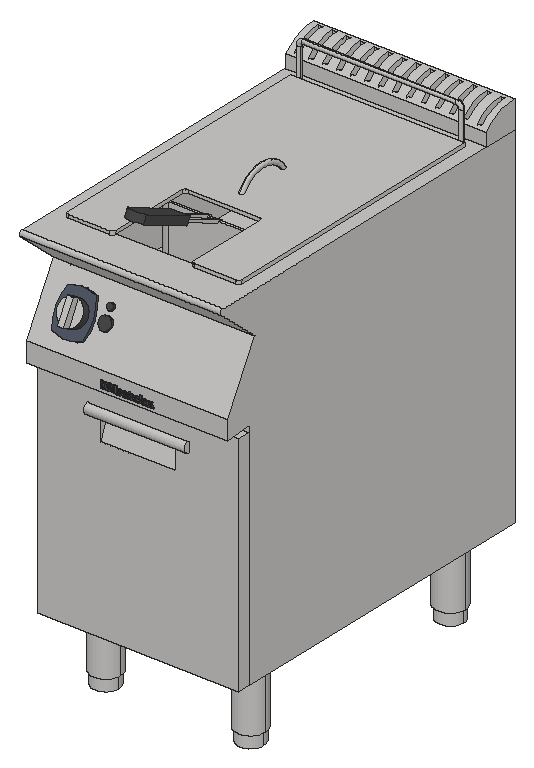
Revit family "QF_ELECTROLUXPROFESSIONAL_371068_E7FRGD1BF0", category Specialty Equipment, Revit 2018
Family settings
  Round Connector Dimension = Use Diameter
  Part Type = Normal
  Work Plane-Based = No
  Always vertical = Yes
  Cut with Voids When Loaded = No
  Shared = No
  Room Calculation Point = No
Parameters
  Width = 400 mm  # constant formula
  Weight in Pounds = 88  # constant formula
  Watts = 0 W
  URL Cutsheet = "www.electrolux.com/foodservice"
  URL = "www.electrolux.com/foodservice"
  Type Mark [instance] = ""
  Status [instance] = ""
  Specification by User [instance] = ""
  Specification by Manufacturer = ""
  Show Logo [instance] = yes
  Show Clearance [instance] = yes
  Serial Number = ""
  Seismic Rating = ""
  SMACNA No = ""
  Revision Code [instance] = ""
  Omniclass Number and Title = ""
  NAFEM Spec ID Number = ""
  Model = "371068"
  Mechanical Remarks [instance] = ""
  Mechanical Connection Type [instance] = ""
  Masterspec = ""
  Manufacturer = "ELECTROLUX"
  Item Number [instance] = ""
  Installed By [instance] = ""
  Identify Quantity as Lot [instance] = yes
  Height = 333 mm  # constant formula
  HP = "0 HP"
  Gas Size = 12.7 mm  # 1/2"
  Gas RI Height [instance] = 0 mm
  Gas KW [instance] = 7  # constant formula
  Gas Input [instance] = 6993.55 VA  # 23863.0 Btu/h
  Gas Connection Height = 0 mm
  Furnished By [instance] = ""
  Foodservice Equipment Identifier [instance] = yes
  Direct Waste Size = 0"
  Description = "700XP One 7 Lt. Well Freestanding Gas Fryer - LPG/Natural Gas"
  Depth = 730 mm  # constant formula
  CSI MasterFormat = ""
  CSI Master Format = ""
  Base Height [instance] = 150 mm  # constant formula
Reference planes
  plane 1 "BACK": y = 0
  plane 2: z = 0
  plane 3 "LEFT": x = 0
  plane 4 "RIGHT": x = 400
  plane 5 "FRONT": y = -730
  plane 6 "TOP": z = 905.238
  plane 7 "Center Y": x = 200
  plane 8 "Center X": y = -365
  plane 9 "BASE": z = 601
  plane 10 "TOP A": z = 850.238
  plane 11: y = -587.387
  plane 12: y = -90
  plane 13: z = 150
Forms (mm)
  Extrusion 1, solid, material "QF_Finishes_Stainless Steel"
    sketch origin (0, 0, 0) x (0, 1, 0) y (0, 0, 1)
      loop
        line (0, 850.237) -> (-725.027, 850.237)
        arc (-725.027, 850.237) -> (-730.893, 846.318) -> (-729.517, 839.397) r 6.35
        line (-729.517, 839.397) -> (-646.919, 767.047) -> (-713.522, 646.19) -> (-713.522, 608.09) -> (-660.15, 613.7) -> (-660.15, 150) -> (0, 150) -> (0, 850.237)
      loop
        line (-687.137, 601) -> (-687.137, 150) -> (-661.737, 150) -> (-661.737, 601) -> (-687.137, 601)
    from 0 to 400
  Extrusion 2, solid, material "QF_Finishes_Stainless Steel"
    sketch origin (0, 0, 0) x (0, 1, 0) y (0, 0, 1)
      loop
        line (0, 850.238) -> (0, 905.237)
        arc (0, 905.237) -> (-38.078, 897.879) -> (-69.85, 875.637) r 93.057
        line (-69.85, 875.637) -> (-69.85, 850.238) -> (0, 850.238)
    from 0 to 400
  Extrusion 3, void
    sketch origin (0, 0, 850.238) x (-1, 0, 0) y (0, -1, 0)
      loop
        line (-33.338, 90.124) -> (-33.338, 645.265) -> (-366.662, 645.265) -> (-366.662, 90.124) -> (-33.338, 90.124)
    from 0 to -152.4
  Extrusion 4, solid, material "QF_Finishes_Stainless Steel"
    sketch origin (0, 0, 850.238) x (-1, 0, 0) y (0, -1, 0)
      loop
        arc (-26.988, 645.265) -> (-28.847, 649.755) -> (-33.338, 651.615) r 6.35
        line (-33.338, 651.615) -> (-115.863, 651.615)
        arc (-115.863, 651.615) -> (-120.353, 649.755) -> (-122.213, 645.265) r 6.35
        line (-122.213, 645.265) -> (-122.213, 481.012)
        arc (-122.213, 481.012) -> (-124.072, 476.521) -> (-128.563, 474.662) r 6.35
        line (-128.563, 474.662) -> (-271.437, 474.662)
        arc (-271.437, 474.662) -> (-275.928, 476.521) -> (-277.787, 481.012) r 6.35
        line (-277.787, 481.012) -> (-277.787, 645.29)
        arc (-277.787, 645.29) -> (-279.64, 649.762) -> (-284.112, 651.615) r 6.325
        line (-284.112, 651.615) -> (-366.662, 651.615)
        arc (-366.662, 651.615) -> (-371.153, 649.755) -> (-373.013, 645.265) r 6.35
        line (-373.013, 645.265) -> (-373.013, 90.124) -> (-26.988, 90.124) -> (-26.988, 645.265)
    from 0 to 6.35
  Sweep 5, solid, material "QF_Finishes_Stainless Steel"
    path origin (200, 0, 0) x (0, 1, 0) y (0, 0, 1)
      loop
        arc (-323.261, 850.238) -> (-377.7, 884.016) -> (-432.139, 850.238) r 60.757
    profile origin (200, -377.7, 884.016) x (0, 0, -1) y (1, 0, 0)
      loop
        circle (0, 0) r 4.353
  Sweep 6, solid, material "QF_Finishes_Stainless Steel"
    path origin (0, 0, 0) x (1, 0, 0) y (0, 0, 1)
      loop
        line (39.688, 846.5) -> (39.688, 911.588)
        arc (39.688, 911.588) -> (41.547, 916.078) -> (46.038, 917.938) r 6.35
        line (46.038, 917.938) -> (352.225, 917.938)
        arc (352.225, 917.938) -> (356.715, 916.078) -> (358.575, 911.588) r 6.35
        line (358.575, 911.588) -> (358.575, 846.5)
    profile origin (39.688, 0, 879.044) x (-1, 0, 0) y (0, -1, 0)
      loop
        circle (2.09, 83.254) r 3.827
  Extrusion 7, void
    sketch origin (0, 0, 850.238) x (-1, 0, 0) y (0, -1, 0)
      loop
        line (-13.453, 6.761) -> (-13.453, 63.911) -> (-22.749, 63.911) -> (-22.749, 6.761) -> (-13.453, 6.761)
    from 25.4 to 63.5
  Extrusion 8, void
    sketch origin (400.05, 0, 850.237) x (1, 0, 0) y (0, 1, 0)
      loop
        line (-13.503, -6.761) -> (-22.799, -6.761) -> (-22.799, -63.911) -> (-13.503, -63.911) -> (-13.503, -6.761)
    from 25.4 to 63.5
  Extrusion 9, void
    sketch origin (27.988, 0, 850.238) x (-1, 0, 0) y (0, -1, 0)
      loop
        line (-13.453, 6.761) -> (-13.453, 63.911) -> (-22.749, 63.911) -> (-22.749, 6.761) -> (-13.453, 6.761)
    from 25.4 to 63.5
  Extrusion 10, void
    sketch origin (55.977, 0, 850.238) x (-1, 0, 0) y (0, -1, 0)
      loop
        line (-13.453, 6.761) -> (-13.453, 63.911) -> (-22.749, 63.911) -> (-22.749, 6.761) -> (-13.453, 6.761)
    from 25.4 to 63.5
  Extrusion 11, void
    sketch origin (83.965, 0, 850.238) x (-1, 0, 0) y (0, -1, 0)
      loop
        line (-13.428, 6.761) -> (-13.428, 63.911) -> (-22.724, 63.911) -> (-22.724, 6.761) -> (-13.428, 6.761)
    from 25.4 to 63.5
  Extrusion 12, void
    sketch origin (111.953, 0, 850.237) x (-1, 0, 0) y (0, -1, 0)
      loop
        line (-13.428, 6.761) -> (-13.428, 63.911) -> (-22.724, 63.911) -> (-22.724, 6.761) -> (-13.428, 6.761)
    from 25.4 to 63.5
  Extrusion 13, void
    sketch origin (139.942, 0, 850.237) x (-1, 0, 0) y (0, -1, 0)
      loop
        line (-13.428, 6.761) -> (-13.428, 63.911) -> (-22.724, 63.911) -> (-22.724, 6.761) -> (-13.428, 6.761)
    from 25.4 to 63.5
  Extrusion 14, void
    sketch origin (167.93, 0, 850.237) x (-1, 0, 0) y (0, -1, 0)
      loop
        line (-13.428, 6.761) -> (-13.428, 63.911) -> (-22.724, 63.911) -> (-22.724, 6.761) -> (-13.428, 6.761)
    from 25.4 to 63.5
  Extrusion 15, void
    sketch origin (195.918, 0, 850.237) x (-1, 0, 0) y (0, -1, 0)
      loop
        line (-13.428, 6.761) -> (-13.428, 63.911) -> (-22.724, 63.911) -> (-22.724, 6.761) -> (-13.428, 6.761)
    from 25.4 to 63.5
  Extrusion 16, void
    sketch origin (223.907, 0, 850.237) x (-1, 0, 0) y (0, -1, 0)
      loop
        line (-13.428, 6.761) -> (-13.428, 63.911) -> (-22.724, 63.911) -> (-22.724, 6.761) -> (-13.428, 6.761)
    from 25.4 to 63.5
  Extrusion 17, void
    sketch origin (251.895, 0, 850.237) x (-1, 0, 0) y (0, -1, 0)
      loop
        line (-13.428, 6.761) -> (-13.428, 63.911) -> (-22.724, 63.911) -> (-22.724, 6.761) -> (-13.428, 6.761)
    from 25.4 to 63.5
  Extrusion 18, void
    sketch origin (279.884, 0, 850.237) x (-1, 0, 0) y (0, -1, 0)
      loop
        line (-13.403, 6.761) -> (-13.403, 63.911) -> (-22.699, 63.911) -> (-22.699, 6.761) -> (-13.403, 6.761)
    from 25.4 to 63.5
  Extrusion 19, void
    sketch origin (307.872, 0, 850.237) x (-1, 0, 0) y (0, -1, 0)
      loop
        line (-13.403, 6.761) -> (-13.403, 63.911) -> (-22.699, 63.911) -> (-22.699, 6.761) -> (-13.403, 6.761)
    from 25.4 to 63.5
  Extrusion 20, void
    sketch origin (335.86, 0, 850.237) x (-1, 0, 0) y (0, -1, 0)
      loop
        line (-13.403, 6.761) -> (-13.403, 63.911) -> (-22.699, 63.911) -> (-22.699, 6.761) -> (-13.403, 6.761)
    from 25.4 to 63.5
  Extrusion 21, solid, material "QF_Finishes_Navy Blue"
    sketch origin (-90.325, -713.522, 646.19) x (0, 0.482654, 0.875811) y (-1, 0, 0)
      loop
        arc (105.826, -132.614) -> (68.798, -123.683) -> (31.333, -130.552) r 91.794
        arc (31.333, -130.552) -> (24.218, -161.14) -> (31.333, -191.729) r 69.309
        arc (31.333, -191.729) -> (68.788, -198.45) -> (105.826, -189.715) r 93.659
        arc (105.826, -189.715) -> (112.066, -161.165) -> (105.826, -132.614) r 68.434
    from 0 to 3.175
  Extrusion 22, solid, material "QF_Finishes_Stainless Steel"
    sketch origin (-90.325, -716.303, 647.723) x (0, 0.482654, 0.875811) y (-1, 0, 0)
      loop
        circle (68.826, -160.963) r 25.4
    from 0 to 12.7
  Extrusion 23, solid, material "QF_Finishes_Stainless Steel"
    sketch origin (-90.325, -727.425, 653.853) x (0, 0.482654, 0.875811) y (-1, 0, 0)
      loop
        arc (93.558, -166.749) -> (94.226, -160.963) -> (93.558, -155.177) r 25.4
        line (93.558, -155.177) -> (44.094, -155.177)
        arc (44.094, -155.177) -> (43.426, -160.963) -> (44.094, -166.749) r 25.4
        line (44.094, -166.749) -> (93.558, -166.749)
    from 0 to 12.7
  Extrusion 24, solid, material "QF_Finishes_Black"
    sketch origin (-30.673, -713.522, 646.19) x (0, 0.482654, 0.875811) y (-1, 0, 0)
      loop
        circle (98.315, -160.648) r 6.35
    from 0 to 3.175
  Extrusion 25, solid, material "QF_Finishes_Black"
    sketch origin (-30.673, -720.158, 634.148) x (0, 0.482654, 0.875811) y (-1, 0, 0)
      loop
        circle (84.522, -160.648) r 12.7
    from 0 to 3.175
  Extrusion 26, solid, material "QF_Finishes_Clearance", visible <- "Show Clearance", detail levels coarse
    sketch origin (0, 0, 0) x (1, 0, 0) y (0, 1, 0)
      loop
        line (0, -731.377) -> (0, 0) -> (400, 0) -> (400, -731.377) -> (550.019, -731.377) -> (550.019, 150.019) -> (-150.019, 150.019) -> (-150.019, -731.377) -> (0, -731.377)
    from 0 to 905.237
  Extrusion 27, solid, material "QF_Finishes_Black"
    sketch origin (265.962, -698.333, 942.26) x (0, 0.906308, -0.422618) y (-1, 0, 0)
      loop
        line (10.103, 47.345) -> (128.716, 47.345) -> (128.716, 84.58) -> (10.103, 84.58)
        arc (10.103, 84.58) -> (-0.124, 65.962) -> (10.103, 47.345) r 22.059
    from -15.884 to 0
  Extrusion 28, solid, material "QF_Finishes_Stainless Steel"
    sketch origin (265.962, 41.275, 0) x (0, 1, 0) y (0, 0, 1)
      loop
        line (-537.413, 741.238) -> (-537.413, 842.715) -> (-624.966, 883.542) -> (-627.65, 877.787) -> (-543.763, 838.67) -> (-543.763, 741.238) -> (-537.413, 741.238)
    from -80.476 to -74.619
  Extrusion 29, solid, material "QF_Finishes_Stainless Steel"
    sketch origin (134.088, 41.275, 0) x (0, 1, 0) y (0, 0, -1)
      loop
        line (-543.763, -838.67) -> (-627.65, -877.787) -> (-624.966, -883.542) -> (-537.413, -842.715) -> (-537.413, -741.238) -> (-543.763, -741.238) -> (-543.763, -838.67)
    from -80.476 to -74.619
  Extrusion 30, solid, material "QF_Finishes_Mesh"
    sketch origin (0, 0, 850.238) x (-1, 0, 0) y (0, -1, 0)
      loop
        arc (-116.6, 131.498) -> (-98.64, 138.937) -> (-91.2, 156.898) r 25.4
        line (-91.2, 156.898) -> (-91.2, 481.11)
        arc (-91.2, 481.11) -> (-98.64, 499.071) -> (-116.6, 506.51) r 25.4
        line (-116.6, 506.51) -> (-294.375, 506.51)
        arc (-294.375, 506.51) -> (-312.336, 499.071) -> (-319.775, 481.11) r 25.4
        line (-319.775, 481.11) -> (-319.775, 156.898)
        arc (-319.775, 156.898) -> (-312.336, 138.937) -> (-294.375, 131.498) r 25.4
        line (-294.375, 131.498) -> (-116.6, 131.498)
      loop
        arc (-116.6, 134.673) -> (-100.885, 141.182) -> (-94.375, 156.898) r 22.225
        line (-94.375, 156.898) -> (-94.375, 481.11)
        arc (-94.375, 481.11) -> (-100.885, 496.826) -> (-116.6, 503.335) r 22.225
        line (-116.6, 503.335) -> (-294.375, 503.335)
        arc (-294.375, 503.335) -> (-310.091, 496.826) -> (-316.6, 481.11) r 22.225
        line (-316.6, 481.11) -> (-316.6, 156.898)
        arc (-316.6, 156.898) -> (-310.091, 141.182) -> (-294.375, 134.673) r 22.225
        line (-294.375, 134.673) -> (-116.6, 134.673)
    from -109 to -5.315
  Revolve 31, solid, material "QF_Finishes_Stainless Steel"
    sketch origin (0, -587.387, 608.09) x (0, 0, 1) y (-1, 0, 0)
      loop
        line (-608.09, -56) -> (-458.09, -56) -> (-458.09, -26) -> (-583.09, -26) -> (-583.09, -29.75) -> (-608.09, -29.75) -> (-608.09, -56)
      axis (-608.09, -56) -> (-458.09, -56)
    angle from 0 to 360
  Revolve 32, solid, material "QF_Finishes_Stainless Steel"
    sketch origin (400.05, -587.387, 608.09) x (0, 0, 1) y (-1, 0, 0)
      loop
        line (-608.09, 56.05) -> (-608.09, 29.8) -> (-583.09, 29.8) -> (-583.09, 26.05) -> (-458.09, 26.05) -> (-458.09, 56.05) -> (-608.09, 56.05)
      axis (-608.09, 56.05) -> (-458.09, 56.05)
    angle from 0 to 360
  Revolve 33, solid, material "QF_Finishes_Stainless Steel"
    sketch origin (0, -90, 608.09) x (0, 0, 1) y (-1, 0, 0)
      loop
        line (-608.09, -56) -> (-458.09, -56) -> (-458.09, -26) -> (-583.09, -26) -> (-583.09, -29.75) -> (-608.09, -29.75) -> (-608.09, -56)
      axis (-608.09, -56) -> (-458.09, -56)
    angle from 0 to 360
  Revolve 34, solid, material "QF_Finishes_Stainless Steel"
    sketch origin (400.05, -90, 608.09) x (0, 0, 1) y (-1, 0, 0)
      loop
        line (-608.09, 56.05) -> (-608.09, 29.8) -> (-583.09, 29.8) -> (-583.09, 26.05) -> (-458.09, 26.05) -> (-458.09, 56.05) -> (-608.09, 56.05)
      axis (-608.09, 56.05) -> (-458.09, 56.05)
    angle from 0 to 360
  Extrusion 35, void
    sketch origin (200, 0, 0) x (0, 1, 0) y (0, 0, 1)
      loop
        line (-687.137, 541) -> (-687.137, 499.788) -> (-672.137, 541) -> (-687.137, 541)
    from -75 to 75
  Extrusion 36, solid, material "QF_Finishes_Stainless Steel"
    sketch origin (200, 0, 0) x (0, 1, 0) y (0, 0, 1)
      loop
        line (-687.137, 541) -> (-687.137, 561)
        arc (-687.137, 561) -> (-697.137, 551) -> (-687.137, 541) r 10
    from -100 to 100
  Extrusion 37, solid, material "QF_Finishes_Door Clearance", visible <- "Show Clearance", detail levels coarse
    sketch origin (0, 0, 850.238) x (-1, 0, 0) y (0, -1, 0)
      loop
        arc (0, 687.137) -> (-117.157, 969.98) -> (-400, 1087.137) r 400
        line (-400, 1087.137) -> (-400, 687.137) -> (0, 687.137)
    from -700.237 to -249.237
  Extrusion 38, solid, material "QF_Finishes_Stainless Steel"
    sketch origin (-77.88, -4572, 150) x (-1, 0, 0) y (0, -1, 0)
      loop
        circle (-425.88, -4067) r 6.35
    from 0 to -12.7
  Extrusion 39, solid, material "QF_Finishes_Navy Blue", visible <- "Show Logo"
    sketch origin (-140, -713.772, 608.09) x (0, 0, 1) y (-1, 0, 0)
      loop
        line (20.674, -296.698) -> (8.307, -296.698)
        arc (8.307, -296.698) -> (14.491, -301.27) -> (20.674, -296.698) r 6.467
      loop
        arc (20.674, -296.069) -> (19.505, -290.926) -> (14.849, -288.448) r 6.338
        line (14.849, -288.448) -> (14.849, -290.494)
        arc (14.849, -290.494) -> (16.333, -294.149) -> (19.778, -296.069) r 5.941
        line (19.778, -296.069) -> (20.674, -296.069)
      loop
        arc (9.203, -296.069) -> (12.648, -294.149) -> (14.132, -290.494) r 5.941
        line (14.132, -290.494) -> (14.132, -288.448)
        arc (14.132, -288.448) -> (9.438, -290.922) -> (8.148, -296.069) r 6.504
        line (8.148, -296.069) -> (9.203, -296.069)
      loop
        line (21.349, -287.979) -> (7.604, -287.979) -> (7.604, -301.742) -> (21.349, -301.742) -> (21.349, -287.979)
      loop
        arc (21.432, -304.71) -> (21.085, -304.352) -> (20.718, -304.69) r 0.358
        arc (20.718, -304.69) -> (20.404, -305.44) -> (19.687, -305.825) r 1.216
        line (19.687, -305.825) -> (9.274, -305.825)
        arc (9.274, -305.825) -> (8.614, -305.548) -> (8.218, -304.951) r 1.238
        arc (8.218, -304.951) -> (7.823, -304.7) -> (7.518, -305.054) r 0.358
        line (7.518, -305.054) -> (7.518, -314.933) -> (10.269, -314.933) -> (10.269, -314.036)
        arc (10.269, -314.036) -> (9.36, -313.456) -> (8.904, -312.479) r 1.928
        line (8.904, -312.479) -> (8.904, -309.98)
        arc (8.904, -309.98) -> (9.18, -309.251) -> (9.868, -308.887) r 1.101
        line (9.868, -308.887) -> (13.955, -308.887) -> (13.955, -312.561)
        arc (13.955, -312.561) -> (13.602, -313.058) -> (13.037, -313.286) r 1.083
        arc (13.037, -313.286) -> (12.773, -313.591) -> (13.065, -313.869) r 0.292
        line (13.065, -313.869) -> (16.028, -313.869)
        arc (16.028, -313.869) -> (16.33, -313.596) -> (16.092, -313.266) r 0.305
        arc (16.092, -313.266) -> (15.601, -313.018) -> (15.296, -312.561) r 1.083
        line (15.296, -312.561) -> (15.296, -308.887) -> (19.973, -308.887) -> (19.973, -312.635)
        arc (19.973, -312.635) -> (19.759, -313.39) -> (19.153, -313.888) r 1.314
        arc (19.153, -313.888) -> (18.934, -314.292) -> (19.288, -314.585) r 0.361
        line (19.288, -314.585) -> (21.432, -314.585) -> (21.432, -304.71)
      loop
        arc (20.715, -315.365) -> (20.335, -316.284) -> (19.416, -316.664) r 1.299
        line (19.416, -316.664) -> (9.837, -316.664)
        arc (9.837, -316.664) -> (8.999, -316.286) -> (8.728, -315.408) r 1.118
        line (8.728, -315.408) -> (7.518, -315.408) -> (7.518, -320.758) -> (8.706, -320.758)
        arc (8.706, -320.758) -> (8.978, -319.841) -> (9.848, -319.445) r 1.153
        line (9.848, -319.445) -> (21.92, -319.445) -> (20.715, -315.365)
      loop
        line (12.483, -323.394) -> (12.483, -329.842) -> (13.282, -329.842)
        arc (13.282, -329.842) -> (15.862, -328.857) -> (17.131, -326.404) r 3.874
        line (17.131, -326.404) -> (17.131, -324.643)
        arc (17.131, -324.643) -> (15.944, -321.778) -> (13.08, -320.592) r 4.051
        line (13.08, -320.592) -> (11.072, -320.592)
        arc (11.072, -320.592) -> (8.253, -322.077) -> (7.202, -325.084) r 4.352
        arc (7.202, -325.084) -> (7.566, -327.547) -> (8.943, -329.621) r 5.713
        line (8.943, -329.621) -> (9.892, -329.621)
        arc (9.892, -329.621) -> (9.16, -328.052) -> (8.943, -326.334) r 5.579
        arc (8.943, -326.334) -> (9.737, -324.371) -> (11.616, -323.394) r 3.057
        line (11.616, -323.394) -> (12.483, -323.394)
      loop
        line (13.742, -323.394) -> (13.742, -326.977)
        arc (13.742, -326.977) -> (15.199, -327.024) -> (16.082, -325.864) r 1.59
        line (16.082, -325.864) -> (16.082, -325.034)
        arc (16.082, -325.034) -> (15.217, -323.779) -> (13.742, -323.394) r 2.184
      loop
        arc (16.533, -339.259) -> (17.022, -337.585) -> (17.179, -335.848) r 9.023
        line (17.179, -335.848) -> (17.179, -334.486)
        arc (17.179, -334.486) -> (16.02, -331.686) -> (13.22, -330.527) r 3.959
        line (13.22, -330.527) -> (10.62, -330.527)
        arc (10.62, -330.527) -> (8.338, -331.819) -> (7.221, -334.192) r 4.331
        line (7.221, -334.192) -> (7.221, -336.327)
        arc (7.221, -336.327) -> (7.729, -337.877) -> (8.651, -339.223) r 5.772
        arc (8.651, -339.223) -> (9.412, -339.274) -> (9.499, -338.515) r 0.553
        arc (9.499, -338.515) -> (9.111, -337.781) -> (8.977, -336.962) r 2.573
        line (8.977, -336.962) -> (8.977, -335.447)
        arc (8.977, -335.447) -> (9.983, -333.806) -> (11.798, -333.163) r 2.884
        line (11.798, -333.163) -> (13.077, -333.163)
        arc (13.077, -333.163) -> (14.898, -333.723) -> (15.824, -335.388) r 2.554
        line (15.824, -335.388) -> (15.824, -336.441)
        arc (15.824, -336.441) -> (15.493, -337.369) -> (14.836, -338.104) r 2.564
        arc (14.836, -338.104) -> (14.614, -338.821) -> (15.223, -339.259) r 0.643
        line (15.223, -339.259) -> (16.533, -339.259)
      loop
        line (15.515, -339.53) -> (15.515, -341.031) -> (9.467, -341.031)
        arc (9.467, -341.031) -> (7.879, -341.688) -> (7.221, -343.276) r 2.246
        line (7.221, -343.276) -> (7.221, -344.86)
        arc (7.221, -344.86) -> (7.535, -345.725) -> (8.035, -346.496) r 4.06
        arc (8.035, -346.496) -> (8.768, -346.629) -> (9.019, -345.928) r 0.576
        arc (9.019, -345.928) -> (8.913, -345.403) -> (8.977, -344.87) r 1.69
        arc (8.977, -344.87) -> (9.519, -344.082) -> (10.425, -343.779) r 1.506
        line (10.425, -343.779) -> (15.563, -343.779) -> (15.563, -346.176) -> (16.119, -346.733) -> (16.941, -346.733) -> (16.941, -343.873) -> (20.172, -343.873) -> (15.515, -339.53)
      loop
        line (7.438, -347.63) -> (7.438, -353.017) -> (8.548, -353.017)
        arc (8.548, -353.017) -> (8.942, -352.066) -> (9.893, -351.672) r 1.345
        line (9.893, -351.672) -> (13.509, -351.672)
        arc (13.509, -351.672) -> (14.274, -352.264) -> (14.564, -353.186) r 1.615
        line (14.564, -353.186) -> (14.564, -354.742) -> (17.119, -355.427) -> (17.119, -354.044) -> (15.177, -351.485) -> (17.057, -351.485) -> (16.773, -348.779)
        arc (16.773, -348.779) -> (16.333, -348.249) -> (15.674, -348.45) r 0.621
        arc (15.674, -348.45) -> (15.274, -348.792) -> (14.78, -348.975) r 1.501
        line (14.78, -348.975) -> (9.893, -348.975)
        arc (9.893, -348.975) -> (8.942, -348.581) -> (8.548, -347.63) r 1.345
        line (8.548, -347.63) -> (7.438, -347.63)
      loop
        line (13.54, -354.964) -> (10.848, -354.964)
        arc (10.848, -354.964) -> (8.403, -356.272) -> (7.269, -358.803) r 4.288
        arc (7.269, -358.803) -> (7.205, -360.183) -> (7.269, -361.563) r 15.022
        arc (7.269, -361.563) -> (8.403, -364.094) -> (10.848, -365.401) r 4.288
        line (10.848, -365.401) -> (13.54, -365.401)
        arc (13.54, -365.401) -> (15.986, -364.094) -> (17.119, -361.563) r 4.288
        arc (17.119, -361.563) -> (17.183, -360.183) -> (17.119, -358.803) r 15.022
        arc (17.119, -358.803) -> (15.986, -356.272) -> (13.54, -354.964) r 4.288
      loop
        line (13.745, -358.078) -> (10.643, -358.078)
        arc (10.643, -358.078) -> (8.486, -360.235) -> (10.643, -362.392) r 2.157
        line (10.643, -362.392) -> (13.745, -362.392)
        arc (13.745, -362.392) -> (15.902, -360.235) -> (13.745, -358.078) r 2.157
      loop
        arc (20.726, -365.26) -> (20.355, -366.154) -> (19.461, -366.524) r 1.264
        line (19.461, -366.524) -> (9.597, -366.524)
        arc (9.597, -366.524) -> (8.727, -366.127) -> (8.455, -365.211) r 1.153
        line (8.455, -365.211) -> (7.518, -365.211) -> (7.518, -370.319) -> (8.446, -370.319)
        arc (8.446, -370.319) -> (8.805, -369.547) -> (9.597, -369.232) r 1.153
        line (9.597, -369.232) -> (21.92, -369.232) -> (20.726, -365.26)
      loop
        arc (15.846, -369.857) -> (15.647, -370.921) -> (14.678, -371.403) r 1.215
        line (14.678, -371.403) -> (9.658, -371.403)
        arc (9.658, -371.403) -> (8.043, -372.051) -> (7.322, -373.634) r 2.338
        line (7.322, -373.634) -> (7.322, -375.148)
        arc (7.322, -375.148) -> (7.497, -376.152) -> (7.999, -377.038) r 2.979
        line (7.999, -377.038) -> (7.518, -378.835) -> (7.518, -380.524) -> (16.943, -380.524) -> (16.649, -376.32) -> (15.863, -376.32)
        arc (15.863, -376.32) -> (15.507, -377.156) -> (14.755, -377.665) r 1.605
        line (14.755, -377.665) -> (9.652, -377.665)
        arc (9.652, -377.665) -> (9.232, -376.728) -> (9.159, -375.704) r 2.94
        arc (9.159, -375.704) -> (9.72, -374.603) -> (10.873, -374.16) r 1.724
        line (10.873, -374.16) -> (17.07, -374.16) -> (15.846, -369.857)
      loop
        line (16.874, -381.377) -> (15.202, -383.423) -> (12.028, -385.729) -> (8.572, -382.617)
        arc (8.572, -382.617) -> (8.335, -382.223) -> (8.357, -381.764) r 0.789
        line (8.357, -381.764) -> (7.518, -381.764) -> (7.518, -385.309) -> (8.344, -385.309)
        arc (8.344, -385.309) -> (8.686, -384.947) -> (9.176, -385.039) r 0.52
        line (9.176, -385.039) -> (10.976, -386.51) -> (8.858, -387.886)
        arc (8.858, -387.886) -> (8.457, -387.576) -> (8.37, -387.076) r 0.7
        line (8.37, -387.076) -> (7.518, -387.076) -> (7.518, -393.003) -> (8.405, -393.003)
        arc (8.405, -393.003) -> (8.472, -392.344) -> (8.866, -391.813) r 1.247
        line (8.866, -391.813) -> (13.066, -388.532) -> (15.513, -390.585) -> (16.874, -392.327) -> (16.874, -388.604) -> (15.389, -389.026) -> (13.868, -387.749) -> (15.568, -386.559) -> (16.874, -387.336) -> (16.874, -381.377)
    from 0 to 1.644
Cuts and joins
  Extrusion 3, Extrusion 7, Extrusion 35 cuts Extrusion 1
  joined: Extrusion 4, Sweep 5
  Extrusion 7, Extrusion 8, Extrusion 9, Extrusion 10, Extrusion 11, Extrusion 12, Extrusion 13, Extrusion 14, Extrusion 15, Extrusion 16, Extrusion 17, Extrusion 18, Extrusion 19, Extrusion 20 cuts Extrusion 2
  joined: Extrusion 22, Extrusion 23
  Extrusion 35 cuts Extrusion 26
Lines and regions (mm)
  symbolic lines, style "QF-Clearances", visible <- "Show Clearance", detail levels coarse
    curve 1: line (-150.019, 150.019, 850.238) -> (-150.019, -731.377, 850.238)
    curve 2: line (550.019, 150.019, 850.237) -> (-150.019, 150.019, 850.238)
    curve 3: line (550.019, -731.377, 850.237) -> (550.019, 150.019, 850.237)
  symbolic lines
    curve 4: line (0, 0, 850.238) -> (400, 0, 850.237)
    curve 5: line (0, -730, 850.238) -> (0, 0, 850.238)
    curve 6: line (400, 0, 850.237) -> (400, -730, 850.237)
    curve 7: line (22.724, -6.761, 850.238) -> (22.724, -63.911, 850.238)
    curve 8: line (22.724, -63.911, 850.238) -> (13.428, -63.911, 850.238)
    curve 9: line (13.428, -63.911, 850.238) -> (13.428, -6.761, 850.238)
    curve 10: line (13.428, -6.761, 850.238) -> (22.724, -6.761, 850.238)
    curve 11: line (386.547, -6.761, 850.237) -> (386.547, -63.911, 850.237)
    curve 12: line (386.547, -63.911, 850.237) -> (377.251, -63.911, 850.237)
    curve 13: line (377.251, -63.911, 850.237) -> (377.251, -6.761, 850.237)
    curve 14: line (377.251, -6.761, 850.237) -> (386.547, -6.761, 850.237)
    curve 15: line (50.712, -6.761, 850.238) -> (50.712, -63.911, 850.238)
    curve 16: line (50.712, -63.911, 850.238) -> (41.416, -63.911, 850.238)
    curve 17: line (41.416, -63.911, 850.238) -> (41.416, -6.761, 850.238)
    curve 18: line (41.416, -6.761, 850.238) -> (50.712, -6.761, 850.238)
    curve 19: line (78.7, -6.761, 850.238) -> (78.7, -63.911, 850.238)
    curve 20: line (78.7, -63.911, 850.238) -> (69.405, -63.911, 850.238)
    curve 21: line (69.405, -63.911, 850.238) -> (69.405, -6.761, 850.238)
    curve 22: line (69.405, -6.761, 850.238) -> (78.7, -6.761, 850.238)
    curve 23: line (106.689, -6.761, 850.237) -> (106.689, -63.911, 850.237)
    curve 24: line (106.689, -63.911, 850.237) -> (97.393, -63.911, 850.238)
    curve 25: line (97.393, -63.911, 850.238) -> (97.393, -6.761, 850.238)
    curve 26: line (97.393, -6.761, 850.238) -> (106.689, -6.761, 850.237)
    curve 27: line (134.677, -6.761, 850.237) -> (134.677, -63.911, 850.237)
    curve 28: line (134.677, -63.911, 850.237) -> (125.381, -63.911, 850.237)
    curve 29: line (125.381, -63.911, 850.237) -> (125.381, -6.761, 850.237)
    curve 30: line (125.381, -6.761, 850.237) -> (134.677, -6.761, 850.237)
    curve 31: line (162.665, -6.761, 850.237) -> (162.665, -63.911, 850.237)
    curve 32: line (162.665, -63.911, 850.237) -> (153.37, -63.911, 850.237)
    curve 33: line (153.37, -63.911, 850.237) -> (153.37, -6.761, 850.237)
    curve 34: line (153.37, -6.761, 850.237) -> (162.665, -6.761, 850.237)
    curve 35: line (190.654, -6.761, 850.237) -> (190.654, -63.911, 850.237)
    curve 36: line (190.654, -63.911, 850.237) -> (181.358, -63.911, 850.237)
    curve 37: line (181.358, -63.911, 850.237) -> (181.358, -6.761, 850.237)
    curve 38: line (181.358, -6.761, 850.237) -> (190.654, -6.761, 850.237)
    curve 39: line (218.642, -6.761, 850.237) -> (218.642, -63.911, 850.237)
    curve 40: line (218.642, -63.911, 850.237) -> (209.346, -63.911, 850.237)
    curve 41: line (209.346, -63.911, 850.237) -> (209.346, -6.761, 850.237)
    curve 42: line (209.346, -6.761, 850.237) -> (218.642, -6.761, 850.237)
    curve 43: line (246.605, -6.761, 850.237) -> (246.605, -63.911, 850.237)
    curve 44: line (246.605, -63.911, 850.237) -> (237.31, -63.911, 850.237)
    curve 45: line (237.31, -63.911, 850.237) -> (237.31, -6.761, 850.237)
    curve 46: line (237.31, -6.761, 850.237) -> (246.605, -6.761, 850.237)
    curve 47: line (274.594, -6.761, 850.237) -> (274.594, -63.911, 850.237)
    curve 48: line (274.594, -63.911, 850.237) -> (265.298, -63.911, 850.237)
    curve 49: line (265.298, -63.911, 850.237) -> (265.298, -6.761, 850.237)
    curve 50: line (265.298, -6.761, 850.237) -> (274.594, -6.761, 850.237)
    curve 51: line (302.582, -6.761, 850.237) -> (302.582, -63.911, 850.237)
    curve 52: line (302.582, -63.911, 850.237) -> (293.286, -63.911, 850.237)
    curve 53: line (293.286, -63.911, 850.237) -> (293.286, -6.761, 850.237)
    curve 54: line (293.286, -6.761, 850.237) -> (302.582, -6.761, 850.237)
    curve 55: line (330.57, -6.761, 850.237) -> (330.57, -63.911, 850.237)
    curve 56: line (330.57, -63.911, 850.237) -> (321.275, -63.911, 850.237)
    curve 57: line (321.275, -63.911, 850.237) -> (321.275, -6.761, 850.237)
    curve 58: line (321.275, -6.761, 850.237) -> (330.57, -6.761, 850.237)
    curve 59: line (358.559, -6.761, 850.237) -> (358.559, -63.911, 850.237)
    curve 60: line (358.559, -63.911, 850.237) -> (349.263, -63.911, 850.237)
    curve 61: line (349.263, -63.911, 850.237) -> (349.263, -6.761, 850.237)
    curve 62: line (349.263, -6.761, 850.237) -> (358.559, -6.761, 850.237)
    curve 63: line (26.988, -90.124, 850.238) -> (26.988, -645.265, 850.238)
    curve 64: arc (26.988, -645.265, 850.238) -> (28.847, -649.755, 850.238) -> (33.338, -651.615, 850.238) r 6.35
    curve 65: line (33.338, -651.615, 850.238) -> (115.863, -651.615, 850.237)
    curve 66: arc (115.863, -651.615, 850.237) -> (120.353, -649.755, 850.237) -> (122.213, -645.265, 850.237) r 6.35
    curve 67: line (122.213, -645.265, 850.237) -> (122.213, -481.012, 850.237)
    curve 68: arc (122.213, -481.012, 850.237) -> (124.072, -476.521, 850.237) -> (128.563, -474.662, 850.237) r 6.35
    curve 69: line (128.563, -474.662, 850.237) -> (271.412, -474.662, 850.237)
    curve 70: arc (271.412, -474.662, 850.237) -> (275.903, -476.521, 850.237) -> (277.762, -481.012, 850.237) r 6.35
    curve 71: line (277.763, -481.012, 850.237) -> (277.763, -645.265, 850.237)
    curve 72: arc (277.763, -645.265, 850.237) -> (279.622, -649.755, 850.237) -> (284.113, -651.615, 850.237) r 6.35
    curve 73: line (284.113, -651.615, 850.237) -> (366.663, -651.615, 850.237)
    curve 74: arc (366.663, -651.615, 850.237) -> (371.153, -649.755, 850.237) -> (373.013, -645.265, 850.237) r 6.35
    curve 75: line (373.013, -645.265, 850.237) -> (373.013, -90.124, 850.237)
    curve 76: line (373.013, -90.124, 850.237) -> (26.988, -90.124, 850.238)
    curve 77: line (31.725, -69.85, 850.238) -> (0, -69.85, 850.238)
    curve 78: line (0, -69.85, 850.238) -> (0, -63.012, 850.238)
    curve 79: line (0, -69.85, 850.238) -> (400, -69.85, 850.237)
    curve 80: line (201.587, -90.124, 850.237) -> (366.663, -90.124, 850.237)
    curve 81: line (33.313, -90.124, 850.238) -> (198.413, -90.124, 850.237)
    curve 82: line (218.617, -695.889, 850.237) -> (218.617, -581.677, 850.237)
    curve 83: line (181.383, -581.677, 850.237) -> (181.383, -695.889, 850.237)
    curve 84: line (218.617, -581.677, 850.237) -> (181.383, -581.677, 850.237)
    curve 85: spline (218.617, -695.889, 850.237) -> (216.385, -698.551, 850.237) -> (213.694, -700.839, 850.237) -> (210.621, -702.688, 850.237) -> (207.25, -704.047, 850.237) -> (203.676, -704.878, 850.237) -> (200, -705.158, 850.237) -> (196.324, -704.878, 850.237) -> (192.75, -704.047, 850.237) -> (189.379, -702.688, 850.237) -> (186.306, -700.839, 850.237) -> (183.615, -698.551, 850.237) -> (181.383, -695.889, 850.237)
    curve 86: line (218.617, -645.265, 850.237) -> (277.763, -645.265, 850.237)
    curve 87: line (181.383, -645.265, 850.237) -> (122.213, -645.265, 850.237)
    curve 88: line (191.318, -506.51, 850.237) -> (191.318, -581.677, 850.237)
    curve 89: line (185.462, -581.677, 850.237) -> (185.462, -506.51, 850.237)
    curve 90: line (214.538, -506.51, 850.237) -> (214.538, -581.677, 850.237)
    curve 91: line (208.682, -581.677, 850.237) -> (208.682, -506.51, 850.237)
    curve 92: spline (181.383, -689.176, 850.237) -> (183.615, -691.839, 850.237) -> (186.306, -694.126, 850.237) -> (189.379, -695.976, 850.237) -> (192.75, -697.335, 850.237) -> (196.324, -698.166, 850.237) -> (200, -698.445, 850.237) -> (203.676, -698.166, 850.237) -> (207.25, -697.335, 850.237) -> (210.621, -695.976, 850.237) -> (213.694, -694.126, 850.237) -> (216.385, -691.839, 850.237) -> (218.617, -689.176, 850.237)
    curve 93: line (195.545, -428.432, 850.237) -> (195.545, -326.969, 850.237)
    curve 94: line (204.443, -326.969, 850.237) -> (204.443, -428.432, 850.237)
    curve 95: arc (195.545, -428.432, 850.237) -> (199.994, -432.882, 850.237) -> (204.443, -428.432, 850.237) r 4.449
    curve 96: arc (195.545, -326.969, 850.237) -> (199.994, -322.52, 850.237) -> (204.443, -326.969, 850.237) r 4.449
    curve 97: line (400, -730, 850.237) -> (0, -730, 850.238)
    curve 98: line (37.573, -79.289, 850.238) -> (362.402, -79.289, 850.237)
    curve 99: line (37.573, -86.944, 850.238) -> (37.573, -79.289, 850.238)
    curve 100: line (362.402, -86.944, 850.237) -> (37.573, -86.944, 850.238)
    curve 101: line (362.402, -79.289, 850.237) -> (362.402, -86.944, 850.237)
    curve 102: line (122.213, -506.51, 850.237) -> (277.763, -506.51, 850.237)
    curve 103: line (122.213, -503.335, 850.237) -> (277.763, -503.335, 850.237)
  symbolic lines, style "QF-Door Swings"
    curve 104: arc (2.303, -730, 850.238) -> (19.743, -811.254, 850.238) -> (53.597, -887.15, 850.238) r 400
    curve 105: line (53.597, -887.15, 850.238) -> (325.76, -730, 850.237)
Dimensions and locks
  equal spacing: plane 3 "LEFT", plane 7 "Center Y", plane 4 "RIGHT"
  "Width": plane 3 "LEFT" to plane 4 "RIGHT"
  equal spacing: plane 5 "FRONT", plane 8 "Center X", plane 1 "BACK"
  "Depth": plane 5 "FRONT" to plane 1 "BACK"
  plane 1 "BACK" to plane 5 "FRONT" = 730 mm
  locked: plane 10 "TOP A" to plane 9 "BASE" at 249.238
  locked: plane 6 "TOP" to plane 10 "TOP A" at 55
  "Base Height": plane 13 to level
  plane 10 "TOP A" to plane 13 = 700.237 mm
  aligned and locked: level to plane 2
  aligned and locked: plane 4 "RIGHT" to Extrusion 1
  aligned and locked: plane 4 "RIGHT" to Extrusion 2
  aligned and locked: plane 6 "TOP" to Extrusion 26
  aligned and locked: plane 10 "TOP A" to Extrusion 2 sketch curve
Automatic sketch dimensions
  Extrusion 2 sketch curve to plane 1 "BACK" = 0 mm
  Extrusion 2 sketch curve to plane 6 "TOP" = 0 mm
  plane 1 "BACK" to Extrusion 2 sketch curve = 1.769 mm
  plane 10 "TOP A" to Extrusion 2 sketch curve = 25.4 mm
  plane 1 "BACK" to Extrusion 2 sketch curve = 69.85 mm
  plane 12 to Extrusion 3 sketch curve = 0.124 mm
  Extrusion 3 sketch curve to plane 4 "RIGHT" = 33.337 mm
  plane 3 "LEFT" to Extrusion 3 sketch curve = 33.338 mm
  plane 11 to Extrusion 3 sketch curve = 57.877 mm
  plane 12 to Extrusion 4 sketch curve = 0.124 mm
  Extrusion 4 sketch curve to plane 4 "RIGHT" = 26.987 mm
  Extrusion 4 sketch curve to Extrusion 4 sketch curve = 6.35 mm  (x3)
  Extrusion 4 sketch curve to Extrusion 4 sketch curve = 82.55 mm
  plane 7 "Center Y" to Extrusion 4 sketch curve = 77.787 mm
  Extrusion 4 sketch curve to plane 7 "Center Y" = 71.437 mm
  Extrusion 4 sketch curve to plane 7 "Center Y" = 77.787 mm
  plane 3 "LEFT" to Extrusion 4 sketch curve = 33.338 mm
  plane 3 "LEFT" to Extrusion 4 sketch curve = 26.988 mm
  Extrusion 4 sketch curve to plane 8 "Center X" = 109.662 mm
  plane 11 to Extrusion 4 sketch curve = 57.877 mm  (x2)
  Sweep 5 sketch curve to plane 10 "TOP A" = 0 mm  (x2)
  Sweep 5 sketch curve to plane 8 "Center X" = 67.139 mm
  Sweep 5 sketch curve to plane 8 "Center X" = 12.7 mm
  Sweep 5 sketch curve to plane 10 "TOP A" = 26.978 mm
  Sweep 5 sketch curve to plane 7 "Center Y" = 0 mm
  Sweep 5 sketch curve to profile plane = 0 mm
  plane 6 "TOP" to Sweep 6 sketch curve = 6.35 mm  (x2)
  plane 3 "LEFT" to Sweep 6 sketch curve = 39.688 mm
  Sweep 6 sketch curve to Sweep 6 sketch curve = 6.35 mm
  Sweep 6 sketch curve to plane 4 "RIGHT" = 47.775 mm
  Sweep 6 sketch curve to plane 10 "TOP A" = 3.737 mm  (x2)
  Sweep 6 sketch curve to profile plane = 2.09 mm
  plane 1 "BACK" to Sweep 6 sketch curve = 83.254 mm
  plane 1 "BACK" to Extrusion 7 sketch curve = 6.761 mm
  plane 3 "LEFT" to Extrusion 7 sketch curve = 22.749 mm
  Extrusion 7 sketch curve to Extrusion 7 sketch curve = 9.296 mm
  Extrusion 7 sketch curve to Extrusion 7 sketch curve = 57.15 mm
  Extrusion 8 sketch curve to plane 1 "BACK" = 6.761 mm
  plane 4 "RIGHT" to Extrusion 8 sketch curve = 22.749 mm
  Extrusion 8 sketch curve to Extrusion 8 sketch curve = 9.296 mm
  Extrusion 8 sketch curve to Extrusion 8 sketch curve = 57.15 mm
  plane 1 "BACK" to Extrusion 9 sketch curve = 6.761 mm
  plane 3 "LEFT" to Extrusion 9 sketch curve = 50.737 mm
  Extrusion 9 sketch curve to Extrusion 9 sketch curve = 9.296 mm
  Extrusion 9 sketch curve to Extrusion 9 sketch curve = 57.15 mm
  plane 1 "BACK" to Extrusion 10 sketch curve = 6.761 mm
  plane 3 "LEFT" to Extrusion 10 sketch curve = 78.725 mm
  Extrusion 10 sketch curve to Extrusion 10 sketch curve = 9.296 mm
  Extrusion 10 sketch curve to Extrusion 10 sketch curve = 57.15 mm
  plane 1 "BACK" to Extrusion 11 sketch curve = 6.761 mm
  Extrusion 11 sketch curve to plane 7 "Center Y" = 93.311 mm
  Extrusion 11 sketch curve to Extrusion 11 sketch curve = 9.296 mm
  Extrusion 11 sketch curve to Extrusion 11 sketch curve = 57.15 mm
  plane 1 "BACK" to Extrusion 12 sketch curve = 6.761 mm
  Extrusion 12 sketch curve to plane 7 "Center Y" = 65.323 mm
  Extrusion 12 sketch curve to Extrusion 12 sketch curve = 9.296 mm
  Extrusion 12 sketch curve to Extrusion 12 sketch curve = 57.15 mm
  plane 1 "BACK" to Extrusion 13 sketch curve = 6.761 mm
  Extrusion 13 sketch curve to plane 7 "Center Y" = 37.335 mm
  Extrusion 13 sketch curve to Extrusion 13 sketch curve = 9.296 mm
  Extrusion 13 sketch curve to Extrusion 13 sketch curve = 57.15 mm
  Extrusion 14 sketch curve to plane 7 "Center Y" = 9.346 mm
  Extrusion 14 sketch curve to Extrusion 14 sketch curve = 9.296 mm
  plane 1 "BACK" to Extrusion 14 sketch curve = 6.761 mm
  Extrusion 14 sketch curve to Extrusion 14 sketch curve = 57.15 mm
  plane 1 "BACK" to Extrusion 15 sketch curve = 6.761 mm
  plane 7 "Center Y" to Extrusion 15 sketch curve = 18.642 mm
  Extrusion 15 sketch curve to Extrusion 15 sketch curve = 9.296 mm
  Extrusion 15 sketch curve to Extrusion 15 sketch curve = 57.15 mm
  plane 1 "BACK" to Extrusion 16 sketch curve = 6.761 mm
  plane 7 "Center Y" to Extrusion 16 sketch curve = 46.63 mm
  Extrusion 16 sketch curve to Extrusion 16 sketch curve = 9.296 mm
  Extrusion 16 sketch curve to Extrusion 16 sketch curve = 57.15 mm
  plane 1 "BACK" to Extrusion 17 sketch curve = 6.761 mm
  plane 7 "Center Y" to Extrusion 17 sketch curve = 74.619 mm
  Extrusion 17 sketch curve to Extrusion 17 sketch curve = 9.296 mm
  Extrusion 17 sketch curve to Extrusion 17 sketch curve = 57.15 mm
  plane 1 "BACK" to Extrusion 18 sketch curve = 6.761 mm
  Extrusion 18 sketch curve to plane 4 "RIGHT" = 97.418 mm
  Extrusion 18 sketch curve to Extrusion 18 sketch curve = 9.296 mm
  Extrusion 18 sketch curve to Extrusion 18 sketch curve = 57.15 mm
  plane 1 "BACK" to Extrusion 19 sketch curve = 6.761 mm
  Extrusion 19 sketch curve to plane 4 "RIGHT" = 69.43 mm
  Extrusion 19 sketch curve to Extrusion 19 sketch curve = 9.296 mm
  Extrusion 19 sketch curve to Extrusion 19 sketch curve = 57.15 mm
  plane 1 "BACK" to Extrusion 20 sketch curve = 6.761 mm
  Extrusion 20 sketch curve to plane 4 "RIGHT" = 41.441 mm
  Extrusion 20 sketch curve to Extrusion 20 sketch curve = 9.296 mm
  Extrusion 20 sketch curve to Extrusion 20 sketch curve = 57.15 mm
  Extrusion 21 sketch curve to Extrusion 1 = 31.333 mm  (x2)
  Extrusion 21 sketch curve to Extrusion 21 sketch curve = 12.3 mm  (x3)
  Extrusion 21 sketch curve to Extrusion 21 sketch curve = 34.925 mm  (x2)
  Extrusion 1 to Extrusion 21 sketch curve = 44.467 mm
  Extrusion 1 to Extrusion 21 sketch curve = 274.883 mm
  Extrusion 21 sketch curve to Extrusion 21 sketch curve = 25.727 mm  (x2)
  Extrusion 21 sketch curve to Extrusion 21 sketch curve = 28.575 mm
  Extrusion 23 sketch curve to Extrusion 23 sketch curve = 24.732 mm
  Extrusion 23 sketch curve to Extrusion 23 sketch curve = 0 mm
  Extrusion 1 to Extrusion 24 sketch curve = 39.678 mm
  Extrusion 1 to Extrusion 24 sketch curve = 270.025 mm
  Extrusion 25 sketch curve to Extrusion 1 = 70.772 mm
  Extrusion 1 to Extrusion 25 sketch curve = 270.025 mm
  plane 1 "BACK" to Extrusion 26 sketch curve = 0 mm
  Extrusion 26 sketch curve to plane 3 "LEFT" = 0 mm
  Extrusion 26 sketch curve to plane 4 "RIGHT" = 0 mm
  Extrusion 26 sketch curve to plane 3 "LEFT" = 150.019 mm
  plane 5 "FRONT" to Extrusion 26 sketch curve = 1.377 mm  (x2)
  plane 4 "RIGHT" to Extrusion 26 sketch curve = 150.019 mm
  Extrusion 26 sketch curve to plane 1 "BACK" = 150.019 mm
  Extrusion 27 sketch curve to plane 7 "Center Y" = 0 mm
  plane 7 "Center Y" to Extrusion 27 sketch curve = 18.617 mm
  Extrusion 27 sketch curve to plane 7 "Center Y" = 18.617 mm
  Extrusion 27 sketch curve to Extrusion 27 sketch curve = 11.832 mm
  Extrusion 27 sketch curve to Extrusion 27 sketch curve = 106.78 mm
  Extrusion 28 sketch curve to plane 11 = 1.013 mm
  Extrusion 28 sketch curve to plane 11 = 3.696 mm
  Extrusion 28 sketch curve to plane 10 "TOP A" = 11.567 mm
  Extrusion 28 sketch curve to plane 11 = 84.899 mm
  Extrusion 28 sketch curve to plane 10 "TOP A" = 7.522 mm
  Extrusion 28 sketch curve to Extrusion 28 sketch curve = 6.35 mm
  Extrusion 28 sketch curve to Extrusion 28 sketch curve = 97.432 mm
  Extrusion 29 sketch curve to plane 11 = 1.013 mm
  Extrusion 29 sketch curve to plane 11 = 3.696 mm
  Extrusion 29 sketch curve to plane 10 "TOP A" = 11.567 mm
  Extrusion 29 sketch curve to plane 11 = 84.899 mm
  Extrusion 29 sketch curve to Extrusion 29 sketch curve = 6.35 mm
  Extrusion 29 sketch curve to plane 10 "TOP A" = 7.522 mm
  Extrusion 29 sketch curve to Extrusion 29 sketch curve = 97.432 mm
  Extrusion 30 sketch curve to Extrusion 30 sketch curve = 0 mm  (x8)
  Extrusion 30 sketch curve to plane 4 "RIGHT" = 80.225 mm
  Extrusion 30 sketch curve to Extrusion 30 sketch curve = 3.175 mm
  Extrusion 30 sketch curve to Extrusion 30 sketch curve = 22.225 mm  (x3)
  plane 12 to Extrusion 30 sketch curve = 44.673 mm
  Extrusion 30 sketch curve to plane 7 "Center Y" = 83.4 mm  (x2)
  Extrusion 30 sketch curve to plane 8 "Center X" = 116.11 mm
  Revolve 31 sketch curve to level = 0 mm
  Revolve 31 sketch curve to plane 13 = 0 mm  (x2)
  level to Revolve 31 sketch curve = 25 mm
  Revolve 31 sketch curve to Revolve 31 sketch curve = 20 mm
  plane 3 "LEFT" to Revolve 31 sketch curve = 56 mm
  Revolve 31 sketch curve to Revolve 31 sketch curve = 0 mm
  plane 3 "LEFT" to Revolve 31 sketch curve = 29.75 mm
  plane 3 "LEFT" to Revolve 31 sketch curve = 26 mm
  Revolve 32 sketch curve to level = 0 mm
  Revolve 32 sketch curve to plane 13 = 0 mm  (x2)
  level to Revolve 32 sketch curve = 25 mm
  Revolve 32 sketch curve to Revolve 32 sketch curve = 20 mm
  Revolve 32 sketch curve to plane 4 "RIGHT" = 26 mm
  Revolve 32 sketch curve to Revolve 32 sketch curve = 3.75 mm
  Revolve 32 sketch curve to Revolve 32 sketch curve = 30 mm
  Revolve 32 sketch curve to Revolve 32 sketch curve = 0 mm
  Revolve 33 sketch curve to level = 0 mm
  Revolve 33 sketch curve to plane 13 = 0 mm  (x2)
  level to Revolve 33 sketch curve = 25 mm
  Revolve 33 sketch curve to Revolve 33 sketch curve = 20 mm
  plane 3 "LEFT" to Revolve 33 sketch curve = 56 mm
  Revolve 33 sketch curve to Revolve 33 sketch curve = 0 mm
  plane 3 "LEFT" to Revolve 33 sketch curve = 29.75 mm
  plane 3 "LEFT" to Revolve 33 sketch curve = 26 mm
  Revolve 34 sketch curve to level = 0 mm
  Revolve 34 sketch curve to plane 13 = 0 mm  (x2)
  level to Revolve 34 sketch curve = 25 mm
  Revolve 34 sketch curve to Revolve 34 sketch curve = 20 mm
  Revolve 34 sketch curve to plane 4 "RIGHT" = 26 mm
  Revolve 34 sketch curve to Revolve 34 sketch curve = 3.75 mm
  Revolve 34 sketch curve to Revolve 34 sketch curve = 30 mm
  Revolve 34 sketch curve to Revolve 34 sketch curve = 0 mm
  Extrusion 1 sketch curve to plane 10 "TOP A" = 0 mm
  Extrusion 1 sketch curve to plane 13 = 0 mm  (x2)
  Extrusion 1 sketch curve to plane 9 "BASE" = 0 mm
  Extrusion 1 sketch curve to plane 1 "BACK" = 0 mm
  plane 11 to Extrusion 1 sketch curve = 59.531 mm
  plane 9 "BASE" to Extrusion 1 sketch curve = 12.7 mm
  Extrusion 1 sketch curve to Extrusion 1 sketch curve = 1.588 mm
  Extrusion 1 sketch curve to Extrusion 1 sketch curve = 25.4 mm
  Extrusion 1 sketch curve to plane 5 "FRONT" = 16.478 mm
  Extrusion 1 sketch curve to plane 5 "FRONT" = 4.973 mm
  Extrusion 1 sketch curve to plane 5 "FRONT" = 0.483 mm
  plane 9 "BASE" to Extrusion 1 sketch curve = 7.09 mm
  Extrusion 1 sketch curve to Extrusion 1 sketch curve = 38.1 mm
  Extrusion 1 sketch curve to plane 10 "TOP A" = 83.191 mm
  Extrusion 1 sketch curve to plane 10 "TOP A" = 10.84 mm
  Extrusion 1 sketch curve to plane 5 "FRONT" = 42.863 mm
  Extrusion 35 sketch curve to plane 5 "FRONT" = 42.863 mm
  Extrusion 35 sketch curve to Extrusion 35 sketch curve = 15 mm
  Extrusion 35 sketch curve to plane 9 "BASE" = 101.212 mm
  Extrusion 35 sketch curve to Extrusion 35 sketch curve = 41.212 mm
  Extrusion 36 sketch curve to plane 5 "FRONT" = 42.863 mm
  Extrusion 36 sketch curve to plane 9 "BASE" = 60 mm
  Extrusion 36 sketch curve to Extrusion 36 sketch curve = 10 mm
  Extrusion 37 sketch curve to plane 4 "RIGHT" = 0 mm
  Extrusion 37 sketch curve to plane 3 "LEFT" = 0 mm
  Extrusion 37 sketch curve to plane 5 "FRONT" = 42.863 mm
  curve 104 to plane 4 "RIGHT" = 0 mm
  curve 105 to plane 4 "RIGHT" = 74.24 mm
  curve 85 to plane 7 "Center Y" = 0 mm
  curve 92 to plane 7 "Center Y" = 0 mm
  curve 78 to plane 3 "LEFT" = 0 mm
  curve 79 to plane 3 "LEFT" = 0 mm
  plane 1 "BACK" to curve 5 = 0 mm
  plane 4 "RIGHT" to curve 3 = 150.019 mm
  curve 12 to plane 4 "RIGHT" = 13.453 mm
  curve 11 to curve 12 = 9.296 mm
  curve 75 to plane 4 "RIGHT" = 26.987 mm
  plane 12 to curve 80 = 0.124 mm
  curve 75 to curve 80 = 6.35 mm
  curve 74 to curve 73 = 6.35 mm
  curve 80 to curve 101 = 4.26 mm
  plane 1 "BACK" to curve 62 = 6.761 mm
  curve 13 to curve 62 = 18.693 mm
  curve 59 to curve 62 = 9.296 mm
  plane 1 "BACK" to curve 58 = 6.761 mm
  curve 61 to curve 58 = 18.693 mm
  curve 55 to curve 58 = 9.296 mm
  plane 1 "BACK" to curve 54 = 6.761 mm
  curve 57 to curve 54 = 18.693 mm
  curve 51 to curve 53 = 9.296 mm
  curve 74 to curve 72 = 82.55 mm
  curve 72 to curve 72 = 6.35 mm
  plane 1 "BACK" to curve 47 = 6.761 mm
  curve 53 to curve 47 = 18.693 mm
  curve 71 to curve 70 = 6.35 mm
  curve 47 to curve 50 = 9.296 mm
  curve 48 to curve 44 = 18.693 mm
  curve 43 to curve 45 = 9.296 mm
  plane 7 "Center Y" to curve 85 = 22.059 mm
  curve 92 to curve 85 = 0 mm
  plane 1 "BACK" to curve 39 = 6.761 mm
  plane 7 "Center Y" to curve 39 = 18.642 mm
  curve 85 to curve 82 = 3.442 mm
  curve 82 to curve 90 = 4.079 mm
  curve 39 to curve 41 = 9.296 mm
  curve 90 to curve 91 = 5.857 mm
  plane 7 "Center Y" to curve 94 = 4.443 mm
  plane 7 "Center Y" to curve 80 = 1.587 mm
  curve 95 to plane 7 "Center Y" = 0.006 mm
  plane 12 to curve 81 = 0.124 mm
  curve 81 to plane 7 "Center Y" = 1.587 mm
  curve 88 to plane 7 "Center Y" = 8.682 mm
  curve 35 to plane 7 "Center Y" = 9.346 mm
  curve 88 to curve 89 = 5.857 mm
  curve 89 to curve 83 = 4.079 mm
  curve 35 to curve 37 = 9.296 mm
  plane 1 "BACK" to curve 31 = 6.761 mm
  curve 37 to curve 31 = 18.693 mm
  curve 31 to curve 33 = 9.296 mm
  plane 1 "BACK" to curve 27 = 6.761 mm
  curve 33 to curve 27 = 18.693 mm
  curve 89 to curve 69 = 56.899 mm
  curve 27 to curve 29 = 9.296 mm
  curve 87 to curve 87 = 59.17 mm
  curve 66 to curve 66 = 6.35 mm
  plane 1 "BACK" to curve 23 = 6.761 mm
  curve 29 to curve 23 = 18.693 mm
  curve 23 to curve 26 = 9.296 mm
  curve 24 to curve 20 = 18.693 mm
  curve 19 to curve 20 = 9.296 mm
  plane 3 "LEFT" to curve 104 = 53.597 mm
  curve 20 to curve 15 = 18.693 mm
  curve 15 to curve 17 = 9.296 mm
  curve 16 to curve 99 = 3.843 mm
  curve 99 to curve 81 = 4.26 mm
  plane 3 "LEFT" to curve 64 = 33.338 mm
  curve 98 to curve 77 = 5.848 mm
  curve 64 to curve 64 = 6.35 mm
  plane 1 "BACK" to curve 7 = 6.761 mm
  curve 17 to curve 7 = 18.693 mm
  curve 7 to curve 9 = 9.296 mm
  curve 2 to plane 3 "LEFT" = 150.019 mm
  curve 2 to plane 1 "BACK" = 150.019 mm
  plane 1 "BACK" to curve 11 = 6.761 mm
  plane 1 "BACK" to curve 15 = 6.761 mm
  plane 1 "BACK" to curve 46 = 6.761 mm
  plane 1 "BACK" to curve 19 = 6.761 mm
  plane 1 "BACK" to curve 38 = 6.761 mm
  curve 78 to plane 12 = 26.988 mm
  curve 32 to plane 12 = 26.089 mm
  curve 29 to plane 12 = 26.089 mm
  curve 35 to plane 12 = 26.089 mm
  curve 25 to plane 12 = 26.089 mm
  curve 39 to plane 12 = 26.089 mm
  curve 21 to plane 12 = 26.089 mm
  curve 43 to plane 12 = 26.089 mm
  curve 17 to plane 12 = 26.089 mm
  curve 47 to plane 12 = 26.089 mm
  curve 13 to plane 12 = 26.089 mm
  curve 51 to plane 12 = 26.089 mm
  curve 78 to curve 9 = 0.898 mm
  curve 55 to plane 12 = 26.089 mm
  curve 59 to curve 12 = 0 mm
  curve 7 to curve 77 = 5.939 mm
  curve 79 to curve 77 = 0 mm
  curve 99 to plane 12 = 10.711 mm
  curve 99 to plane 12 = 3.056 mm
  plane 12 to curve 63 = 0.124 mm
  plane 8 "Center X" to curve 96 = 38.031 mm
  curve 93 to plane 8 "Center X" = 63.432 mm
  curve 93 to curve 68 = 46.229 mm
  curve 67 to curve 103 = 22.324 mm
  curve 68 to curve 88 = 25.499 mm
  curve 82 to plane 11 = 5.711 mm
  plane 11 to curve 86 = 57.877 mm
  curve 87 to curve 86 = 0 mm
  curve 87 to curve 92 = 33.188 mm
  curve 92 to curve 85 = 6.713 mm
  curve 104 to curve 105 = 42.863 mm
  curve 85 to curve 92 = 4.011 mm
  curve 92 to curve 83 = 6.713 mm
  plane 5 "FRONT" to curve 3 = 1.377 mm
  plane 5 "FRONT" to curve 1 = 1.377 mm
  curve 97 to plane 4 "RIGHT" = 0 mm
  plane 5 "FRONT" to curve 104 = 0 mm
  curve 104 to curve 5 = 2.303 mm
  Extrusion 38 sketch curve to plane 4 "RIGHT" = 52 mm
  Extrusion 38 sketch curve to plane 11 = 82.388 mm
  plane 9 "BASE" to Extrusion 39 sketch curve = 9.251 mm
  plane 9 "BASE" to Extrusion 39 sketch curve = 14.292 mm
  plane 7 "Center Y" to Extrusion 39 sketch curve = 4.86 mm
  plane 9 "BASE" to Extrusion 39 sketch curve = 14.311 mm
  Extrusion 39 sketch curve to Extrusion 39 sketch curve = 0 mm  (x28)
  Extrusion 39 sketch curve to Extrusion 39 sketch curve = 5.108 mm  (x2)
  Extrusion 39 sketch curve to Extrusion 39 sketch curve = 0.054 mm
  Extrusion 39 sketch curve to Extrusion 39 sketch curve = 0.218 mm
  Extrusion 39 sketch curve to Extrusion 39 sketch curve = 0.195 mm
  Extrusion 39 sketch curve to Extrusion 39 sketch curve = 0.249 mm
  plane 9 "BASE" to Extrusion 39 sketch curve = 14.608 mm
  Extrusion 39 sketch curve to Extrusion 39 sketch curve = 0.087 mm
  Extrusion 39 sketch curve to Extrusion 39 sketch curve = 0.358 mm
  Extrusion 39 sketch curve to Extrusion 39 sketch curve = 0.481 mm
  Extrusion 39 sketch curve to Extrusion 39 sketch curve = 0.597 mm
  Extrusion 39 sketch curve to Extrusion 39 sketch curve = 0.544 mm
  Extrusion 39 sketch curve to Extrusion 39 sketch curve = 0.936 mm
  Extrusion 39 sketch curve to Extrusion 39 sketch curve = 0.594 mm
  Extrusion 39 sketch curve to Extrusion 39 sketch curve = 0.343 mm
  Extrusion 39 sketch curve to Extrusion 39 sketch curve = 0.159 mm
  Extrusion 39 sketch curve to Extrusion 39 sketch curve = 0.826 mm
  Extrusion 39 sketch curve to Extrusion 39 sketch curve = 0.839 mm
  Extrusion 39 sketch curve to Extrusion 39 sketch curve = 0.852 mm
  Extrusion 39 sketch curve to Extrusion 39 sketch curve = 0.887 mm
  Extrusion 39 sketch curve to Extrusion 39 sketch curve = 0.928 mm
  Extrusion 39 sketch curve to Extrusion 39 sketch curve = 0.938 mm
  Extrusion 39 sketch curve to Extrusion 39 sketch curve = 0.444 mm
  Extrusion 39 sketch curve to Extrusion 39 sketch curve = 1.11 mm  (x3)
  Extrusion 39 sketch curve to Extrusion 39 sketch curve = 0.215 mm
  Extrusion 39 sketch curve to plane 7 "Center Y" = 0.777 mm
  Extrusion 39 sketch curve to Extrusion 39 sketch curve = 1.43 mm
  Extrusion 39 sketch curve to Extrusion 39 sketch curve = 1.188 mm
  Extrusion 39 sketch curve to Extrusion 39 sketch curve = 1.21 mm  (x2)
  Extrusion 39 sketch curve to Extrusion 39 sketch curve = 0.503 mm
  Extrusion 39 sketch curve to Extrusion 39 sketch curve = 0.488 mm
  Extrusion 39 sketch curve to Extrusion 39 sketch curve = 0.462 mm
  Extrusion 39 sketch curve to Extrusion 39 sketch curve = 1.386 mm
  Extrusion 39 sketch curve to Extrusion 39 sketch curve = 1.742 mm  (x2)
  Extrusion 39 sketch curve to Extrusion 39 sketch curve = 0.821 mm
  Extrusion 39 sketch curve to Extrusion 39 sketch curve = 0.497 mm
  Extrusion 39 sketch curve to Extrusion 39 sketch curve = 0.539 mm
  Extrusion 39 sketch curve to Extrusion 39 sketch curve = 0.686 mm
  Extrusion 39 sketch curve to Extrusion 39 sketch curve = 0.408 mm
  Extrusion 39 sketch curve to Extrusion 39 sketch curve = 0.743 mm
  Extrusion 39 sketch curve to Extrusion 39 sketch curve = 1.16 mm
  Extrusion 39 sketch curve to Extrusion 39 sketch curve = 0.329 mm
  Extrusion 39 sketch curve to Extrusion 39 sketch curve = 1.054 mm
  Extrusion 39 sketch curve to Extrusion 39 sketch curve = 1.056 mm
  Extrusion 39 sketch curve to Extrusion 39 sketch curve = 0.129 mm
  Extrusion 39 sketch curve to Extrusion 39 sketch curve = 0.489 mm
  Extrusion 39 sketch curve to Extrusion 39 sketch curve = 0.441 mm
  Extrusion 39 sketch curve to Extrusion 39 sketch curve = 1.151 mm
  Extrusion 39 sketch curve to Extrusion 39 sketch curve = 1.141 mm  (x2)
  Extrusion 39 sketch curve to Extrusion 39 sketch curve = 0.768 mm
  Extrusion 39 sketch curve to Extrusion 39 sketch curve = 1.653 mm
  Extrusion 39 sketch curve to Extrusion 39 sketch curve = 0.499 mm
  Extrusion 39 sketch curve to Extrusion 39 sketch curve = 0.964 mm
  Extrusion 39 sketch curve to Extrusion 39 sketch curve = 0.949 mm
  Extrusion 39 sketch curve to Extrusion 39 sketch curve = 1.345 mm  (x2)
  Extrusion 39 sketch curve to Extrusion 39 sketch curve = 0.137 mm  (x2)
  Extrusion 39 sketch curve to Extrusion 39 sketch curve = 0.432 mm
  Extrusion 39 sketch curve to Extrusion 39 sketch curve = 1.142 mm
  Extrusion 39 sketch curve to Extrusion 39 sketch curve = 0.959 mm
  Extrusion 39 sketch curve to Extrusion 39 sketch curve = 0.176 mm
